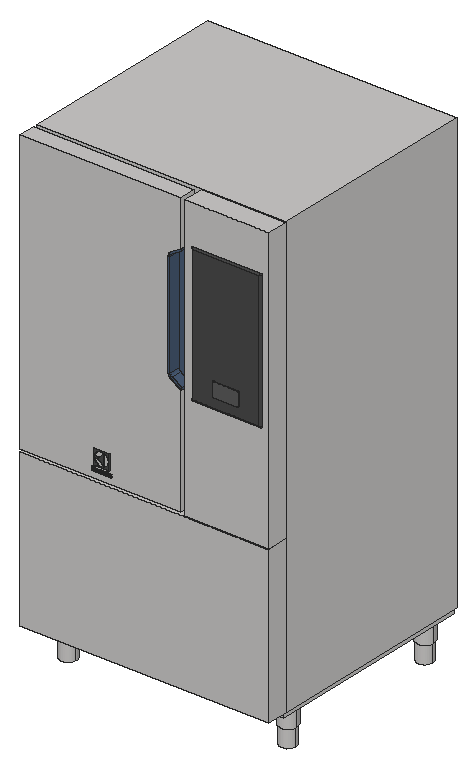
Revit family "QF_ELECTROLUXPROFESSIONAL_727734_EBFA11UE", category Specialty Equipment, Revit 2018 (continued)
Lines and regions (mm)
  Split face 222
    outline origin (-5.81, -295.149, -213.119) x (-1, 0, 0) y (0, 0, -1)
      loop
        line (490.638, -548.639) -> (600.654, -548.639) -> (600.654, -543.665) -> (490.638, -543.665) -> (490.638, -548.639)
  Split face 223
    outline origin (-5.81, -295.149, -203.619) x (-1, 0, 0) y (0, 0, -1)
      loop
        line (490.638, -548.639) -> (600.654, -548.639) -> (600.654, -543.665) -> (490.638, -543.665) -> (490.638, -548.639)
  Split face 224
    outline origin (-5.81, -295.149, -194.118) x (-1, 0, 0) y (0, 0, -1)
      loop
        line (490.638, -548.639) -> (600.654, -548.639) -> (600.654, -543.665) -> (490.638, -543.665) -> (490.638, -548.639)
  Split face 225
    outline origin (-5.81, -295.149, -184.618) x (-1, 0, 0) y (0, 0, -1)
      loop
        line (490.638, -548.639) -> (600.654, -548.639) -> (600.654, -543.665) -> (490.638, -543.665) -> (490.638, -548.639)
  Split face 226
    outline origin (-5.81, -295.149, -175.118) x (-1, 0, 0) y (0, 0, -1)
      loop
        line (490.638, -548.639) -> (600.654, -548.639) -> (600.654, -543.665) -> (490.638, -543.665) -> (490.638, -548.639)
  Split face 227
    outline origin (-5.81, -295.149, -165.618) x (-1, 0, 0) y (0, 0, -1)
      loop
        line (490.638, -548.639) -> (600.654, -548.639) -> (600.654, -543.665) -> (490.638, -543.665) -> (490.638, -548.639)
  Split face 228
    outline origin (-5.81, -295.149, -156.118) x (-1, 0, 0) y (0, 0, -1)
      loop
        line (490.638, -548.639) -> (600.654, -548.639) -> (600.654, -543.665) -> (490.638, -543.665) -> (490.638, -548.639)
  Split face 229
    outline origin (-5.81, -295.149, -146.618) x (-1, 0, 0) y (0, 0, -1)
      loop
        line (490.638, -548.639) -> (600.654, -548.639) -> (600.654, -543.665) -> (490.638, -543.665) -> (490.638, -548.639)
  Split face 230
    outline origin (-5.81, -295.149, -137.118) x (-1, 0, 0) y (0, 0, -1)
      loop
        line (490.638, -548.639) -> (600.654, -548.639) -> (600.654, -543.665) -> (490.638, -543.665) -> (490.638, -548.639)
  Split face 231
    outline origin (-5.81, -295.149, -127.618) x (-1, 0, 0) y (0, 0, -1)
      loop
        line (490.638, -548.639) -> (600.654, -548.639) -> (600.654, -543.665) -> (490.638, -543.665) -> (490.638, -548.639)
  Split face 232
    outline origin (-5.81, -295.149, -118.118) x (-1, 0, 0) y (0, 0, -1)
      loop
        line (490.638, -548.639) -> (600.654, -548.639) -> (600.654, -543.665) -> (490.638, -543.665) -> (490.638, -548.639)
  Split face 233
    outline origin (-5.81, -295.149, -108.618) x (-1, 0, 0) y (0, 0, -1)
      loop
        line (490.638, -548.639) -> (600.654, -548.639) -> (600.654, -543.665) -> (490.638, -543.665) -> (490.638, -548.639)
  Split face 234
    outline origin (-5.81, -295.149, -99.118) x (-1, 0, 0) y (0, 0, -1)
      loop
        line (490.638, -548.639) -> (600.654, -548.639) -> (600.654, -543.665) -> (490.638, -543.665) -> (490.638, -548.639)
  Split face 235
    outline origin (-5.81, -295.149, -89.618) x (-1, 0, 0) y (0, 0, -1)
      loop
        line (490.638, -548.639) -> (600.654, -548.639) -> (600.654, -543.665) -> (490.638, -543.665) -> (490.638, -548.639)
  Split face 236
    outline origin (-5.81, -295.149, -80.117) x (-1, 0, 0) y (0, 0, -1)
      loop
        line (490.638, -548.639) -> (600.654, -548.639) -> (600.654, -543.665) -> (490.638, -543.665) -> (490.638, -548.639)
  Split face 237
    outline origin (-5.81, -295.149, -70.617) x (-1, 0, 0) y (0, 0, -1)
      loop
        line (490.638, -548.639) -> (600.654, -548.639) -> (600.654, -543.665) -> (490.638, -543.665) -> (490.638, -548.639)
  Split face 238
    outline origin (-5.81, -295.149, -61.117) x (-1, 0, 0) y (0, 0, -1)
      loop
        line (490.638, -548.639) -> (600.654, -548.639) -> (600.654, -543.665) -> (490.638, -543.665) -> (490.638, -548.639)
  Split face 239
    outline origin (-5.81, -295.149, -51.617) x (-1, 0, 0) y (0, 0, -1)
      loop
        line (490.638, -548.639) -> (600.654, -548.639) -> (600.654, -543.665) -> (490.638, -543.665) -> (490.638, -548.639)
  Split face 240
    outline origin (-5.81, -295.149, -42.117) x (-1, 0, 0) y (0, 0, -1)
      loop
        line (490.638, -548.639) -> (600.654, -548.639) -> (600.654, -543.665) -> (490.638, -543.665) -> (490.638, -548.639)
  Split face 241
    outline origin (-5.81, -295.149, -32.617) x (-1, 0, 0) y (0, 0, -1)
      loop
        line (490.638, -548.639) -> (600.654, -548.639) -> (600.654, -543.665) -> (490.638, -543.665) -> (490.638, -548.639)
  Split face 242
    outline origin (-5.81, -295.149, -23.117) x (-1, 0, 0) y (0, 0, -1)
      loop
        line (490.638, -548.639) -> (600.654, -548.639) -> (600.654, -543.665) -> (490.638, -543.665) -> (490.638, -548.639)
  Split face 243
    outline origin (-5.81, -295.149, -13.617) x (-1, 0, 0) y (0, 0, -1)
      loop
        line (490.638, -548.639) -> (600.654, -548.639) -> (600.654, -543.665) -> (490.638, -543.665) -> (490.638, -548.639)
  Split face 244
    outline origin (-5.81, -295.149, -4.117) x (-1, 0, 0) y (0, 0, -1)
      loop
        line (490.638, -548.639) -> (600.654, -548.639) -> (600.654, -543.665) -> (490.638, -543.665) -> (490.638, -548.639)
  Split face 245
    outline origin (-5.81, -295.149, 5.383) x (-1, 0, 0) y (0, 0, -1)
      loop
        line (490.638, -548.639) -> (600.654, -548.639) -> (600.654, -543.665) -> (490.638, -543.665) -> (490.638, -548.639)
  Split face 246
    outline origin (-5.81, -295.149, 14.883) x (-1, 0, 0) y (0, 0, -1)
      loop
        line (490.638, -548.639) -> (600.654, -548.639) -> (600.654, -543.665) -> (490.638, -543.665) -> (490.638, -548.639)
  Split face 247
    outline origin (-125.802, -295.149, -365.12) x (-1, 0, 0) y (0, 0, -1)
      loop
        line (490.638, -548.639) -> (600.654, -548.639) -> (600.654, -543.665) -> (490.638, -543.665) -> (490.638, -548.639)
  Split face 248
    outline origin (-125.802, -295.149, -355.62) x (-1, 0, 0) y (0, 0, -1)
      loop
        line (490.638, -548.639) -> (600.654, -548.639) -> (600.654, -543.665) -> (490.638, -543.665) -> (490.638, -548.639)
  Split face 249
    outline origin (-125.802, -295.149, -346.12) x (-1, 0, 0) y (0, 0, -1)
      loop
        line (490.638, -548.639) -> (600.654, -548.639) -> (600.654, -543.665) -> (490.638, -543.665) -> (490.638, -548.639)
  Split face 250
    outline origin (-125.802, -295.149, -336.62) x (-1, 0, 0) y (0, 0, -1)
      loop
        line (490.638, -548.639) -> (600.654, -548.639) -> (600.654, -543.665) -> (490.638, -543.665) -> (490.638, -548.639)
  Split face 251
    outline origin (-125.802, -295.149, -327.12) x (-1, 0, 0) y (0, 0, -1)
      loop
        line (490.638, -548.639) -> (600.654, -548.639) -> (600.654, -543.665) -> (490.638, -543.665) -> (490.638, -548.639)
  Split face 252
    outline origin (-125.802, -295.149, -317.619) x (-1, 0, 0) y (0, 0, -1)
      loop
        line (490.638, -548.639) -> (600.654, -548.639) -> (600.654, -543.665) -> (490.638, -543.665) -> (490.638, -548.639)
  Split face 253
    outline origin (-125.802, -295.149, -308.119) x (-1, 0, 0) y (0, 0, -1)
      loop
        line (490.638, -548.639) -> (600.654, -548.639) -> (600.654, -543.665) -> (490.638, -543.665) -> (490.638, -548.639)
  Split face 254
    outline origin (-125.802, -295.149, -298.619) x (-1, 0, 0) y (0, 0, -1)
      loop
        line (490.638, -548.639) -> (600.654, -548.639) -> (600.654, -543.665) -> (490.638, -543.665) -> (490.638, -548.639)
  Split face 255
    outline origin (-125.802, -295.149, -289.119) x (-1, 0, 0) y (0, 0, -1)
      loop
        line (490.638, -548.639) -> (600.654, -548.639) -> (600.654, -543.665) -> (490.638, -543.665) -> (490.638, -548.639)
  Split face 256
    outline origin (-125.802, -295.149, -279.619) x (-1, 0, 0) y (0, 0, -1)
      loop
        line (490.638, -548.639) -> (600.654, -548.639) -> (600.654, -543.665) -> (490.638, -543.665) -> (490.638, -548.639)
  Split face 257
    outline origin (-125.802, -295.149, -270.119) x (-1, 0, 0) y (0, 0, -1)
      loop
        line (490.638, -548.639) -> (600.654, -548.639) -> (600.654, -543.665) -> (490.638, -543.665) -> (490.638, -548.639)
  Split face 258
    outline origin (-125.802, -295.149, -260.619) x (-1, 0, 0) y (0, 0, -1)
      loop
        line (490.638, -548.639) -> (600.654, -548.639) -> (600.654, -543.665) -> (490.638, -543.665) -> (490.638, -548.639)
  Split face 259
    outline origin (-125.802, -295.149, -251.119) x (-1, 0, 0) y (0, 0, -1)
      loop
        line (490.638, -548.639) -> (600.654, -548.639) -> (600.654, -543.665) -> (490.638, -543.665) -> (490.638, -548.639)
  Split face 260
    outline origin (-125.802, -295.149, -241.619) x (-1, 0, 0) y (0, 0, -1)
      loop
        line (490.638, -548.639) -> (600.654, -548.639) -> (600.654, -543.665) -> (490.638, -543.665) -> (490.638, -548.639)
  Split face 261
    outline origin (-125.802, -295.149, -232.119) x (-1, 0, 0) y (0, 0, -1)
      loop
        line (490.638, -548.639) -> (600.654, -548.639) -> (600.654, -543.665) -> (490.638, -543.665) -> (490.638, -548.639)
  Split face 262
    outline origin (-125.802, -295.149, -222.619) x (-1, 0, 0) y (0, 0, -1)
      loop
        line (490.638, -548.639) -> (600.654, -548.639) -> (600.654, -543.665) -> (490.638, -543.665) -> (490.638, -548.639)
  Split face 263
    outline origin (-125.802, -295.149, -213.119) x (-1, 0, 0) y (0, 0, -1)
      loop
        line (490.638, -548.639) -> (600.654, -548.639) -> (600.654, -543.665) -> (490.638, -543.665) -> (490.638, -548.639)
  Split face 264
    outline origin (-125.802, -295.149, -203.619) x (-1, 0, 0) y (0, 0, -1)
      loop
        line (490.638, -548.639) -> (600.654, -548.639) -> (600.654, -543.665) -> (490.638, -543.665) -> (490.638, -548.639)
  Split face 265
    outline origin (-125.802, -295.149, -194.118) x (-1, 0, 0) y (0, 0, -1)
      loop
        line (490.638, -548.639) -> (600.654, -548.639) -> (600.654, -543.665) -> (490.638, -543.665) -> (490.638, -548.639)
  Split face 266
    outline origin (-125.802, -295.149, -184.618) x (-1, 0, 0) y (0, 0, -1)
      loop
        line (490.638, -548.639) -> (600.654, -548.639) -> (600.654, -543.665) -> (490.638, -543.665) -> (490.638, -548.639)
  Split face 267
    outline origin (-125.802, -295.149, -175.118) x (-1, 0, 0) y (0, 0, -1)
      loop
        line (490.638, -548.639) -> (600.654, -548.639) -> (600.654, -543.665) -> (490.638, -543.665) -> (490.638, -548.639)
  Split face 268
    outline origin (-125.802, -295.149, -165.618) x (-1, 0, 0) y (0, 0, -1)
      loop
        line (490.638, -548.639) -> (600.654, -548.639) -> (600.654, -543.665) -> (490.638, -543.665) -> (490.638, -548.639)
  Split face 269
    outline origin (-125.802, -295.149, -156.118) x (-1, 0, 0) y (0, 0, -1)
      loop
        line (490.638, -548.639) -> (600.654, -548.639) -> (600.654, -543.665) -> (490.638, -543.665) -> (490.638, -548.639)
  Split face 270
    outline origin (-125.802, -295.149, -146.618) x (-1, 0, 0) y (0, 0, -1)
      loop
        line (490.638, -548.639) -> (600.654, -548.639) -> (600.654, -543.665) -> (490.638, -543.665) -> (490.638, -548.639)
  Split face 271
    outline origin (-125.802, -295.149, -137.118) x (-1, 0, 0) y (0, 0, -1)
      loop
        line (490.638, -548.639) -> (600.654, -548.639) -> (600.654, -543.665) -> (490.638, -543.665) -> (490.638, -548.639)
  Split face 272
    outline origin (-125.802, -295.149, -127.618) x (-1, 0, 0) y (0, 0, -1)
      loop
        line (490.638, -548.639) -> (600.654, -548.639) -> (600.654, -543.665) -> (490.638, -543.665) -> (490.638, -548.639)
  Split face 273
    outline origin (-125.802, -295.149, -118.118) x (-1, 0, 0) y (0, 0, -1)
      loop
        line (490.638, -548.639) -> (600.654, -548.639) -> (600.654, -543.665) -> (490.638, -543.665) -> (490.638, -548.639)
  Split face 274
    outline origin (-125.802, -295.149, -108.618) x (-1, 0, 0) y (0, 0, -1)
      loop
        line (490.638, -548.639) -> (600.654, -548.639) -> (600.654, -543.665) -> (490.638, -543.665) -> (490.638, -548.639)
  Split face 275
    outline origin (-125.802, -295.149, -99.118) x (-1, 0, 0) y (0, 0, -1)
      loop
        line (490.638, -548.639) -> (600.654, -548.639) -> (600.654, -543.665) -> (490.638, -543.665) -> (490.638, -548.639)
  Split face 276
    outline origin (-125.802, -295.149, -89.618) x (-1, 0, 0) y (0, 0, -1)
      loop
        line (490.638, -548.639) -> (600.654, -548.639) -> (600.654, -543.665) -> (490.638, -543.665) -> (490.638, -548.639)
  Split face 277
    outline origin (-125.802, -295.149, -80.117) x (-1, 0, 0) y (0, 0, -1)
      loop
        line (490.638, -548.639) -> (600.654, -548.639) -> (600.654, -543.665) -> (490.638, -543.665) -> (490.638, -548.639)
  Split face 278
    outline origin (-125.802, -295.149, -70.617) x (-1, 0, 0) y (0, 0, -1)
      loop
        line (490.638, -548.639) -> (600.654, -548.639) -> (600.654, -543.665) -> (490.638, -543.665) -> (490.638, -548.639)
  Split face 279
    outline origin (-125.802, -295.149, -61.117) x (-1, 0, 0) y (0, 0, -1)
      loop
        line (490.638, -548.639) -> (600.654, -548.639) -> (600.654, -543.665) -> (490.638, -543.665) -> (490.638, -548.639)
  Split face 280
    outline origin (-125.802, -295.149, -51.617) x (-1, 0, 0) y (0, 0, -1)
      loop
        line (490.638, -548.639) -> (600.654, -548.639) -> (600.654, -543.665) -> (490.638, -543.665) -> (490.638, -548.639)
  Split face 281
    outline origin (-125.802, -295.149, -42.117) x (-1, 0, 0) y (0, 0, -1)
      loop
        line (490.638, -548.639) -> (600.654, -548.639) -> (600.654, -543.665) -> (490.638, -543.665) -> (490.638, -548.639)
  Split face 282
    outline origin (-125.802, -295.149, -32.617) x (-1, 0, 0) y (0, 0, -1)
      loop
        line (490.638, -548.639) -> (600.654, -548.639) -> (600.654, -543.665) -> (490.638, -543.665) -> (490.638, -548.639)
  Split face 283
    outline origin (-125.802, -295.149, -23.117) x (-1, 0, 0) y (0, 0, -1)
      loop
        line (490.638, -548.639) -> (600.654, -548.639) -> (600.654, -543.665) -> (490.638, -543.665) -> (490.638, -548.639)
  Split face 284
    outline origin (-125.802, -295.149, -13.617) x (-1, 0, 0) y (0, 0, -1)
      loop
        line (490.638, -548.639) -> (600.654, -548.639) -> (600.654, -543.665) -> (490.638, -543.665) -> (490.638, -548.639)
  Split face 285
    outline origin (-125.802, -295.149, -4.117) x (-1, 0, 0) y (0, 0, -1)
      loop
        line (490.638, -548.639) -> (600.654, -548.639) -> (600.654, -543.665) -> (490.638, -543.665) -> (490.638, -548.639)
  Split face 286
    outline origin (-125.802, -295.149, 5.383) x (-1, 0, 0) y (0, 0, -1)
      loop
        line (490.638, -548.639) -> (600.654, -548.639) -> (600.654, -543.665) -> (490.638, -543.665) -> (490.638, -548.639)
  Split face 287
    outline origin (-125.802, -295.149, 14.883) x (-1, 0, 0) y (0, 0, -1)
      loop
        line (490.638, -548.639) -> (600.654, -548.639) -> (600.654, -543.665) -> (490.638, -543.665) -> (490.638, -548.639)
  symbolic lines
    curve 1: line (-759, 547.851, 1731) -> (136, 547.851, 1731)
    curve 2: line (-759, -219.149, 1731) -> (-759, 547.851, 1731)
    curve 3: line (136, -295.149, 1731) -> (-166, -295.149, 1731)
    curve 4: line (136, 547.851, 1731) -> (136, -295.149, 1731)
    curve 5: line (-139.183, 547.851, 1731) -> (-131.09, 639.851, 1731)
    curve 6: line (-131.09, 639.851, 1731) -> (33.141, 639.851, 1731)
    curve 7: line (33.141, 639.851, 1731) -> (41.234, 547.851, 1731)
    curve 8: line (56.5, 576.851, 1731) -> (77.5, 576.851, 1731)
    curve 9: line (77.5, 576.851, 1731) -> (77.5, 547.851, 1731)
    curve 10: line (56.5, 576.851, 1731) -> (56.5, 547.851, 1731)
    curve 11: line (104, -300.149, 1731) -> (-134, -300.149, 1731)
    curve 12: line (-134, -300.149, 1731) -> (-142, -295.149, 1731)
    curve 13: line (104, -300.149, 1731) -> (112, -295.149, 1731)
    curve 18: line (-166, -295.149, 0) -> (-166, -219.149, 0)
    curve 19: line (-166, -219.149, 0) -> (-759, -219.149, 0)
    curve 20: line (-759, -235.149, 0) -> (-180.8, -235.149, 0)
    curve 21: line (-759, -295.149, 0) -> (-759, -235.149, 0)
    curve 22: line (-180.8, -295.149, 0) -> (-759, -295.149, 0)
    curve 23: line (-180.8, -235.149, 0) -> (-180.8, -295.149, 0)
    curve 24: line (-225.54, -296.149, 0) -> (-178.3, -296.149, 0)
    curve 25: line (-178.3, -296.149, 0) -> (-178.3, -256.149, 0)
    curve 26: line (-178.3, -256.149, 0) -> (-180.8, -256.149, 0)
    curve 27: line (-225.54, -296.149, 0) -> (-225.54, -295.149, 0)
  symbolic lines, style "QF_Door-Drawer Clearances", visible <- "Show Clearance"
    curve 14: arc (-180.8, -295.149, 1731) -> (-338.805, -665.108, 1731) -> (-705, -831.649, 1731) r 556
    curve 15: line (-765, -831.649, 1731) -> (-765, -295.149, 1731)
    curve 16: line (-705, -831.649, 1731) -> (-765, -831.649, 1731)
    curve 17: line (-705, -831.649, 1731) -> (-705, -295.149, 1731)
Dimensions and locks
  equal spacing: plane 4 "LEFT", plane 3 "Center Y", plane 6 "RIGHT"
  plane 4 "LEFT" to plane 6 "RIGHT" = 895 mm
  plane 5 "BACK" to plane 7 "FRONT" = 843 mm
  equal spacing: plane 5 "BACK", plane 1 "Center X", plane 7 "FRONT"
  cut or joined group of Extrusion 1, Extrusion 2, Extrusion 3, Extrusion 5, Extrusion 6, Extrusion 7, Extrusion 13 to Extrusion 3 sketch curve = 826 mm
  level to Extrusion 3 sketch curve = 593 mm
  plane 5 "BACK" to Extrusion 6 sketch curve = 398 mm
  plane 4 "LEFT" to Extrusion 6 sketch curve = 400 mm
  Extrusion 3 sketch curve to plane 4 "LEFT" = 826 mm
  aligned and locked: level to plane 2
  aligned and locked: plane 12 to nested 3
  aligned and locked: plane 12 to nested 2
  aligned and locked: plane 10 to nested 1
  aligned and locked: plane 10 to nested 4
  aligned and locked: nested 4 to plane 11
  aligned and locked: nested 3 to plane 11
  aligned and locked: nested 1 to plane 13
  aligned and locked: nested 2 to plane 13
  aligned and locked: Extrusion 12 to Extrusion 11
  aligned and locked: Extrusion 16 to Extrusion 15
Automatic sketch dimensions
  Extrusion 1 sketch curve to plane 5 "BACK" = 0 mm
  Extrusion 1 sketch curve to plane 6 "RIGHT" = 0 mm
  Extrusion 1 sketch curve to plane 4 "LEFT" = 0 mm
  Extrusion 1 sketch curve to plane 13 = 75 mm
  Extrusion 2 sketch curve to plane 5 "BACK" = 0 mm
  Extrusion 2 sketch curve to plane 14 = 0 mm  (x5)
  Extrusion 2 sketch curve to plane 14 = 10 mm
  Extrusion 2 sketch curve to plane 14 = 8 mm
  Extrusion 2 sketch curve to plane 14 = 7.305 mm
  Extrusion 2 sketch curve to plane 14 = 4.997 mm
  plane 14 to Extrusion 2 sketch curve = 8.773 mm  (x4)
  plane 8 to Extrusion 2 sketch curve = 521.023 mm
  Extrusion 2 sketch curve to Extrusion 2 sketch curve = 7.476 mm
  Extrusion 2 sketch curve to Extrusion 2 sketch curve = 25.474 mm
  Extrusion 2 sketch curve to Extrusion 2 sketch curve = 9.313 mm  (x4)
  Extrusion 2 sketch curve to Extrusion 2 sketch curve = 31.38 mm  (x3)
  Extrusion 2 sketch curve to Extrusion 2 sketch curve = 32.916 mm
  Extrusion 2 sketch curve to Extrusion 2 sketch curve = 50.851 mm
  Extrusion 4 sketch curve to plane 6 "RIGHT" = 0 mm
  Extrusion 4 sketch curve to plane 4 "LEFT" = 0 mm
  Extrusion 4 sketch curve to plane 7 "FRONT" = 0 mm
  plane 7 "FRONT" to Extrusion 4 sketch curve = 75 mm
  Extrusion 5 sketch curve to plane 5 "BACK" = 0 mm
  Extrusion 5 sketch curve to plane 6 "RIGHT" = 9 mm
  plane 4 "LEFT" to Extrusion 5 sketch curve = 9 mm
  Extrusion 5 sketch curve to plane 13 = 73 mm
  Split face 1 sketch curve to Extrusion 4 = 32.492 mm
  Split face 1 sketch curve to Extrusion 4 = 28.525 mm
  Split face 1 sketch curve to Split face 1 sketch curve = 110.016 mm
  Split face 1 sketch curve to Split face 1 sketch curve = 4.974 mm
  Extrusion 7 sketch curve to plane 5 "BACK" = 0 mm  (x2)
  Extrusion 7 sketch curve to plane 14 = 0 mm  (x2)
  Extrusion 7 sketch curve to plane 12 = 41.135 mm
  Extrusion 7 sketch curve to Extrusion 7 sketch curve = 1.631 mm  (x2)
  Extrusion 7 sketch curve to Extrusion 7 sketch curve = 9.723 mm
  Extrusion 7 sketch curve to Extrusion 7 sketch curve = 164.232 mm
  Extrusion 7 sketch curve to Extrusion 7 sketch curve = 8.092 mm
  Extrusion 8 sketch curve to plane 4 "LEFT" = 0 mm
  Extrusion 8 sketch curve to plane 9 "TOP" = 0 mm
  plane 3 "Center Y" to Extrusion 8 sketch curve = 85.96 mm
  Extrusion 8 sketch curve to Extrusion 8 sketch curve = 8.487 mm
  Extrusion 8 sketch curve to Extrusion 8 sketch curve = 8.95 mm
  Extrusion 8 sketch curve to Extrusion 8 sketch curve = 10.513 mm
  Extrusion 8 sketch curve to Extrusion 8 sketch curve = 11.05 mm
  Extrusion 8 sketch curve to Extrusion 8 sketch curve = 35.79 mm
  Extrusion 8 sketch curve to Extrusion 8 sketch curve = 36.253 mm
  Extrusion 8 sketch curve to Extrusion 8 sketch curve = 162.03 mm
  Extrusion 8 sketch curve to Extrusion 8 sketch curve = 24.082 mm
  Extrusion 8 sketch curve to Extrusion 8 sketch curve = 374.913 mm
  Extrusion 8 sketch curve to Extrusion 8 sketch curve = 23.723 mm
  plane 8 to Extrusion 8 sketch curve = 589.524 mm
  Extrusion 9 sketch curve to plane 7 "FRONT" = 0 mm
  Extrusion 9 sketch curve to plane 6 "RIGHT" = 0 mm
  plane 3 "Center Y" to Extrusion 9 sketch curve = 145.5 mm
  plane 7 "FRONT" to Extrusion 9 sketch curve = 75 mm
  plane 3 "Center Y" to Extrusion 11 sketch curve = 85.96 mm
  Extrusion 11 sketch curve to Extrusion 11 sketch curve = 8.487 mm
  Extrusion 11 sketch curve to Extrusion 11 sketch curve = 8.95 mm
  Extrusion 11 sketch curve to Extrusion 11 sketch curve = 19 mm
  Extrusion 11 sketch curve to Extrusion 11 sketch curve = 11.05 mm
  Extrusion 11 sketch curve to plane 9 "TOP" = 186.112 mm
  Extrusion 11 sketch curve to Extrusion 11 sketch curve = 374.913 mm
  Extrusion 11 sketch curve to Extrusion 11 sketch curve = 36.253 mm
  Extrusion 11 sketch curve to Extrusion 11 sketch curve = 35.79 mm
  Extrusion 11 sketch curve to Extrusion 11 sketch curve = 0 mm  (x3)
  Extrusion 11 sketch curve to Extrusion 11 sketch curve = 24.082 mm
  Extrusion 11 sketch curve to Extrusion 11 sketch curve = 23.723 mm
  Extrusion 12 sketch curve to Extrusion 12 sketch curve = 0 mm  (x4)
  plane 3 "Center Y" to Extrusion 12 sketch curve = 133.2 mm  (x2)
  Extrusion 12 sketch curve to Extrusion 12 sketch curve = 2.5 mm  (x2)
  Extrusion 12 sketch curve to Extrusion 12 sketch curve = 27.24 mm
  Extrusion 12 sketch curve to Extrusion 12 sketch curve = 28.24 mm
  Extrusion 12 sketch curve to Extrusion 12 sketch curve = 7.459 mm
  Extrusion 12 sketch curve to Extrusion 12 sketch curve = 6.917 mm
  Extrusion 12 sketch curve to Extrusion 12 sketch curve = 3.591 mm
  Extrusion 12 sketch curve to Extrusion 12 sketch curve = 3.597 mm
  Extrusion 12 sketch curve to Extrusion 12 sketch curve = 5.583 mm
  Extrusion 12 sketch curve to Extrusion 12 sketch curve = 6.5 mm
  Extrusion 12 sketch curve to plane 9 "TOP" = 162.03 mm
  Extrusion 12 sketch curve to Extrusion 12 sketch curve = 6.143 mm
  Extrusion 12 sketch curve to Extrusion 12 sketch curve = 17.939 mm
  Extrusion 12 sketch curve to Extrusion 12 sketch curve = 374.913 mm
  Extrusion 12 sketch curve to Extrusion 12 sketch curve = 23 mm
  Extrusion 12 sketch curve to Extrusion 12 sketch curve = 6.141 mm
  plane 10 to Extrusion 13 sketch curve = 9 mm
  plane 3 "Center Y" to Extrusion 13 sketch curve = 80.7 mm
  Extrusion 13 sketch curve to plane 9 "TOP" = 60 mm
  plane 8 to Extrusion 13 sketch curve = 639 mm
  Split face 2 sketch curve to Extrusion 4 = 32.492 mm
  Split face 2 sketch curve to Extrusion 4 = 38.025 mm
  Split face 2 sketch curve to Split face 2 sketch curve = 110.016 mm
  Split face 2 sketch curve to Split face 2 sketch curve = 4.974 mm
  Split face 3 sketch curve to Extrusion 4 = 32.492 mm
  Split face 3 sketch curve to Extrusion 4 = 47.525 mm
  Split face 3 sketch curve to Split face 3 sketch curve = 110.016 mm
  Split face 3 sketch curve to Split face 3 sketch curve = 4.974 mm
  Split face 4 sketch curve to Extrusion 4 = 32.492 mm
  Split face 4 sketch curve to Split face 4 sketch curve = 110.016 mm
  Split face 4 sketch curve to Extrusion 4 = 61.999 mm
  Split face 4 sketch curve to Split face 4 sketch curve = 4.974 mm
  Split face 5 sketch curve to Extrusion 4 = 32.492 mm
  Split face 5 sketch curve to Split face 5 sketch curve = 110.016 mm
  Split face 5 sketch curve to Extrusion 4 = 71.499 mm
  Split face 5 sketch curve to Split face 5 sketch curve = 4.974 mm
  Split face 6 sketch curve to Extrusion 4 = 32.492 mm
  Split face 6 sketch curve to Split face 6 sketch curve = 110.016 mm
  Split face 6 sketch curve to Extrusion 4 = 80.999 mm
  Split face 6 sketch curve to Split face 6 sketch curve = 4.974 mm
  Split face 7 sketch curve to Extrusion 4 = 32.492 mm
  Split face 7 sketch curve to Split face 7 sketch curve = 110.016 mm
  Split face 7 sketch curve to Extrusion 4 = 90.499 mm
  Split face 7 sketch curve to Split face 7 sketch curve = 4.974 mm
  Split face 8 sketch curve to Extrusion 4 = 32.492 mm
  Split face 8 sketch curve to Split face 8 sketch curve = 110.016 mm
  Split face 8 sketch curve to Extrusion 4 = 99.999 mm
  Split face 8 sketch curve to Split face 8 sketch curve = 4.974 mm
  Split face 9 sketch curve to Extrusion 4 = 32.492 mm
  Split face 9 sketch curve to Split face 9 sketch curve = 110.016 mm
  Split face 9 sketch curve to Extrusion 4 = 109.499 mm
  Split face 9 sketch curve to Split face 9 sketch curve = 4.974 mm
  Split face 10 sketch curve to Extrusion 4 = 32.492 mm
  Split face 10 sketch curve to Split face 10 sketch curve = 110.016 mm
  Split face 10 sketch curve to Extrusion 4 = 119 mm
  Split face 10 sketch curve to Split face 10 sketch curve = 4.974 mm
  Split face 11 sketch curve to Extrusion 4 = 32.492 mm
  Split face 11 sketch curve to Split face 11 sketch curve = 110.016 mm
  Split face 11 sketch curve to Extrusion 4 = 128.5 mm
  Split face 11 sketch curve to Split face 11 sketch curve = 4.974 mm
  Split face 12 sketch curve to Extrusion 4 = 32.492 mm
  Split face 12 sketch curve to Split face 12 sketch curve = 110.016 mm
  Split face 12 sketch curve to Extrusion 4 = 138 mm
  Split face 12 sketch curve to Split face 12 sketch curve = 4.974 mm
  Split face 13 sketch curve to Extrusion 4 = 32.492 mm
  Split face 13 sketch curve to Split face 13 sketch curve = 110.016 mm
  Split face 13 sketch curve to Extrusion 4 = 147.5 mm
  Split face 13 sketch curve to Split face 13 sketch curve = 4.974 mm
  Split face 14 sketch curve to Extrusion 4 = 32.492 mm
  Split face 14 sketch curve to Split face 14 sketch curve = 110.016 mm
  Split face 14 sketch curve to Extrusion 4 = 157 mm
  Split face 14 sketch curve to Split face 14 sketch curve = 4.974 mm
  Split face 15 sketch curve to Extrusion 4 = 32.492 mm
  Split face 15 sketch curve to Split face 15 sketch curve = 110.016 mm
  Split face 15 sketch curve to Extrusion 4 = 166.5 mm
  Split face 15 sketch curve to Split face 15 sketch curve = 4.974 mm
  Split face 16 sketch curve to Extrusion 4 = 32.492 mm
  Split face 16 sketch curve to Split face 16 sketch curve = 110.016 mm
  Split face 16 sketch curve to Extrusion 4 = 176 mm
  Split face 16 sketch curve to Split face 16 sketch curve = 4.974 mm
  Split face 17 sketch curve to Extrusion 4 = 32.492 mm
  Split face 17 sketch curve to Split face 17 sketch curve = 110.016 mm
  Split face 17 sketch curve to Extrusion 4 = 185.5 mm
  Split face 17 sketch curve to Split face 17 sketch curve = 4.974 mm
  Split face 18 sketch curve to Extrusion 4 = 32.492 mm
  Split face 18 sketch curve to Split face 18 sketch curve = 110.016 mm
  Split face 18 sketch curve to Extrusion 4 = 195 mm
  Split face 18 sketch curve to Split face 18 sketch curve = 4.974 mm
  Split face 19 sketch curve to Extrusion 4 = 32.492 mm
  Split face 19 sketch curve to Split face 19 sketch curve = 110.016 mm
  Split face 19 sketch curve to Extrusion 4 = 204.5 mm
  Split face 19 sketch curve to Split face 19 sketch curve = 4.974 mm
  Split face 20 sketch curve to Extrusion 4 = 32.492 mm
  Split face 20 sketch curve to Split face 20 sketch curve = 110.016 mm
  Split face 20 sketch curve to Extrusion 4 = 214 mm
  Split face 20 sketch curve to Split face 20 sketch curve = 4.974 mm
  Split face 21 sketch curve to Extrusion 4 = 32.492 mm
  Split face 21 sketch curve to Split face 21 sketch curve = 110.016 mm
  Split face 21 sketch curve to Extrusion 4 = 223.5 mm
  Split face 21 sketch curve to Split face 21 sketch curve = 4.974 mm
  Split face 22 sketch curve to Extrusion 4 = 32.492 mm
  Split face 22 sketch curve to Split face 22 sketch curve = 110.016 mm
  Split face 22 sketch curve to Extrusion 4 = 233.001 mm
  Split face 22 sketch curve to Split face 22 sketch curve = 4.974 mm
  Split face 23 sketch curve to Extrusion 4 = 32.492 mm
  Split face 23 sketch curve to Split face 23 sketch curve = 110.016 mm
  Split face 23 sketch curve to Extrusion 4 = 242.501 mm
  Split face 23 sketch curve to Split face 23 sketch curve = 4.974 mm
  Split face 24 sketch curve to Extrusion 4 = 32.492 mm
  Split face 24 sketch curve to Split face 24 sketch curve = 110.016 mm
  Split face 24 sketch curve to Extrusion 4 = 252.001 mm
  Split face 24 sketch curve to Split face 24 sketch curve = 4.974 mm
  Split face 25 sketch curve to Extrusion 4 = 32.492 mm
  Split face 25 sketch curve to Split face 25 sketch curve = 110.016 mm
  Split face 25 sketch curve to Extrusion 4 = 261.501 mm
  Split face 25 sketch curve to Split face 25 sketch curve = 4.974 mm
  Split face 26 sketch curve to Extrusion 4 = 32.492 mm
  Split face 26 sketch curve to Split face 26 sketch curve = 110.016 mm
  Split face 26 sketch curve to Extrusion 4 = 271.001 mm
  Split face 26 sketch curve to Split face 26 sketch curve = 4.974 mm
  Split face 27 sketch curve to Extrusion 4 = 32.492 mm
  Split face 27 sketch curve to Split face 27 sketch curve = 110.016 mm
  Split face 27 sketch curve to Extrusion 4 = 279.479 mm
  Split face 27 sketch curve to Split face 27 sketch curve = 4.974 mm
  Split face 28 sketch curve to Extrusion 4 = 32.492 mm
  Split face 28 sketch curve to Split face 28 sketch curve = 110.016 mm
  Split face 28 sketch curve to Extrusion 4 = 269.979 mm
  Split face 28 sketch curve to Split face 28 sketch curve = 4.974 mm
  Split face 29 sketch curve to Extrusion 4 = 32.492 mm
  Split face 29 sketch curve to Split face 29 sketch curve = 110.016 mm
  Split face 29 sketch curve to Extrusion 4 = 260.479 mm
  Split face 29 sketch curve to Split face 29 sketch curve = 4.974 mm
  Split face 30 sketch curve to Extrusion 4 = 32.492 mm
  Split face 30 sketch curve to Split face 30 sketch curve = 110.016 mm
  Split face 30 sketch curve to Extrusion 4 = 250.978 mm
  Split face 30 sketch curve to Split face 30 sketch curve = 4.974 mm
  Split face 31 sketch curve to Extrusion 4 = 32.492 mm
  Split face 31 sketch curve to Split face 31 sketch curve = 110.016 mm
  Split face 31 sketch curve to Extrusion 4 = 241.478 mm
  Split face 31 sketch curve to Split face 31 sketch curve = 4.974 mm
  Split face 32 sketch curve to Extrusion 4 = 32.492 mm
  Split face 32 sketch curve to Split face 32 sketch curve = 110.016 mm
  Split face 32 sketch curve to Extrusion 4 = 231.978 mm
  Split face 32 sketch curve to Split face 32 sketch curve = 4.974 mm
  Split face 33 sketch curve to Extrusion 4 = 32.492 mm
  Split face 33 sketch curve to Split face 33 sketch curve = 110.016 mm
  Split face 33 sketch curve to Extrusion 4 = 222.478 mm
  Split face 33 sketch curve to Split face 33 sketch curve = 4.974 mm
  Split face 34 sketch curve to Extrusion 4 = 32.492 mm
  Split face 34 sketch curve to Split face 34 sketch curve = 110.016 mm
  Split face 34 sketch curve to Extrusion 4 = 212.978 mm
  Split face 34 sketch curve to Split face 34 sketch curve = 4.974 mm
  Split face 35 sketch curve to Extrusion 4 = 32.492 mm
  Split face 35 sketch curve to Split face 35 sketch curve = 110.016 mm
  Split face 35 sketch curve to Extrusion 4 = 203.478 mm
  Split face 35 sketch curve to Split face 35 sketch curve = 4.974 mm
  Split face 36 sketch curve to Extrusion 4 = 32.492 mm
  Split face 36 sketch curve to Split face 36 sketch curve = 110.016 mm
  Split face 36 sketch curve to Extrusion 4 = 193.978 mm
  Split face 36 sketch curve to Split face 36 sketch curve = 4.974 mm
  Split face 37 sketch curve to Extrusion 4 = 32.492 mm
  Split face 37 sketch curve to Split face 37 sketch curve = 110.016 mm
  Split face 37 sketch curve to Extrusion 4 = 184.478 mm
  Split face 37 sketch curve to Split face 37 sketch curve = 4.974 mm
  Split face 38 sketch curve to Extrusion 4 = 32.492 mm
  Split face 38 sketch curve to Split face 38 sketch curve = 110.016 mm
  Split face 38 sketch curve to Extrusion 4 = 174.978 mm
  Split face 38 sketch curve to Split face 38 sketch curve = 4.974 mm
  Split face 39 sketch curve to Extrusion 4 = 32.492 mm
  Split face 39 sketch curve to Split face 39 sketch curve = 110.016 mm
  Split face 39 sketch curve to Extrusion 4 = 165.478 mm
  Split face 39 sketch curve to Split face 39 sketch curve = 4.974 mm
  Split face 40 sketch curve to Extrusion 4 = 32.492 mm
  Split face 40 sketch curve to Split face 40 sketch curve = 110.016 mm
  Split face 40 sketch curve to Extrusion 4 = 155.978 mm
  Split face 40 sketch curve to Split face 40 sketch curve = 4.974 mm
  Split face 41 sketch curve to Extrusion 4 = 32.492 mm
  Split face 41 sketch curve to Split face 41 sketch curve = 110.016 mm
  Split face 41 sketch curve to Extrusion 4 = 146.478 mm
  Split face 41 sketch curve to Split face 41 sketch curve = 4.974 mm
  Split face 42 sketch curve to Extrusion 4 = 33.499 mm
  Split face 42 sketch curve to Extrusion 4 = 152.483 mm
  Split face 42 sketch curve to Extrusion 4 = 28.525 mm
  Split face 42 sketch curve to Split face 42 sketch curve = 110.016 mm
  Split face 43 sketch curve to Extrusion 4 = 42.999 mm
  Split face 43 sketch curve to Extrusion 4 = 152.483 mm
  Split face 43 sketch curve to Extrusion 4 = 38.025 mm
  Split face 43 sketch curve to Split face 43 sketch curve = 110.016 mm
  Split face 44 sketch curve to Extrusion 4 = 52.499 mm
  Split face 44 sketch curve to Extrusion 4 = 152.483 mm
  Split face 44 sketch curve to Extrusion 4 = 47.525 mm
  Split face 44 sketch curve to Split face 44 sketch curve = 110.016 mm
  Split face 45 sketch curve to Extrusion 4 = 61.999 mm
  Split face 45 sketch curve to Extrusion 4 = 152.483 mm
  Split face 45 sketch curve to Split face 45 sketch curve = 110.016 mm
  Split face 45 sketch curve to Split face 45 sketch curve = 4.974 mm
  Split face 46 sketch curve to Extrusion 4 = 71.499 mm
  Split face 46 sketch curve to Extrusion 4 = 152.483 mm
  Split face 46 sketch curve to Split face 46 sketch curve = 110.016 mm
  Split face 46 sketch curve to Split face 46 sketch curve = 4.974 mm
  Split face 47 sketch curve to Extrusion 4 = 152.483 mm
  Split face 47 sketch curve to Split face 47 sketch curve = 110.016 mm
  Split face 47 sketch curve to Extrusion 4 = 80.999 mm
  Split face 47 sketch curve to Split face 47 sketch curve = 4.974 mm
  Split face 48 sketch curve to Extrusion 4 = 152.483 mm
  Split face 48 sketch curve to Split face 48 sketch curve = 110.016 mm
  Split face 48 sketch curve to Extrusion 4 = 90.499 mm
  Split face 48 sketch curve to Split face 48 sketch curve = 4.974 mm
  Split face 49 sketch curve to Extrusion 4 = 152.483 mm
  Split face 49 sketch curve to Split face 49 sketch curve = 110.016 mm
  Split face 49 sketch curve to Extrusion 4 = 99.999 mm
  Split face 49 sketch curve to Split face 49 sketch curve = 4.974 mm
  Split face 50 sketch curve to Extrusion 4 = 152.483 mm
  Split face 50 sketch curve to Split face 50 sketch curve = 110.016 mm
  Split face 50 sketch curve to Extrusion 4 = 109.499 mm
  Split face 50 sketch curve to Split face 50 sketch curve = 4.974 mm
  Split face 51 sketch curve to Extrusion 4 = 152.483 mm
  Split face 51 sketch curve to Split face 51 sketch curve = 110.016 mm
  Split face 51 sketch curve to Extrusion 4 = 119 mm
  Split face 51 sketch curve to Split face 51 sketch curve = 4.974 mm
  Split face 52 sketch curve to Extrusion 4 = 152.483 mm
  Split face 52 sketch curve to Split face 52 sketch curve = 110.016 mm
  Split face 52 sketch curve to Extrusion 4 = 128.5 mm
  Split face 52 sketch curve to Split face 52 sketch curve = 4.974 mm
  Split face 53 sketch curve to Extrusion 4 = 152.483 mm
  Split face 53 sketch curve to Split face 53 sketch curve = 110.016 mm
  Split face 53 sketch curve to Extrusion 4 = 138 mm
  Split face 53 sketch curve to Split face 53 sketch curve = 4.974 mm
  Split face 54 sketch curve to Extrusion 4 = 152.483 mm
  Split face 54 sketch curve to Split face 54 sketch curve = 110.016 mm
  Split face 54 sketch curve to Extrusion 4 = 147.5 mm
  Split face 54 sketch curve to Split face 54 sketch curve = 4.974 mm
  Split face 55 sketch curve to Extrusion 4 = 152.483 mm
  Split face 55 sketch curve to Split face 55 sketch curve = 110.016 mm
  Split face 55 sketch curve to Extrusion 4 = 157 mm
  Split face 55 sketch curve to Split face 55 sketch curve = 4.974 mm
  Split face 56 sketch curve to Extrusion 4 = 152.483 mm
  Split face 56 sketch curve to Split face 56 sketch curve = 110.016 mm
  Split face 56 sketch curve to Extrusion 4 = 166.5 mm
  Split face 56 sketch curve to Split face 56 sketch curve = 4.974 mm
  Split face 57 sketch curve to Extrusion 4 = 152.483 mm
  Split face 57 sketch curve to Split face 57 sketch curve = 110.016 mm
  Split face 57 sketch curve to Extrusion 4 = 176 mm
  Split face 57 sketch curve to Split face 57 sketch curve = 4.974 mm
  Split face 58 sketch curve to Extrusion 4 = 152.483 mm
  Split face 58 sketch curve to Split face 58 sketch curve = 110.016 mm
  Split face 58 sketch curve to Extrusion 4 = 185.5 mm
  Split face 58 sketch curve to Split face 58 sketch curve = 4.974 mm
  Split face 59 sketch curve to Extrusion 4 = 152.483 mm
  Split face 59 sketch curve to Split face 59 sketch curve = 110.016 mm
  Split face 59 sketch curve to Extrusion 4 = 195 mm
  Split face 59 sketch curve to Split face 59 sketch curve = 4.974 mm
  Split face 60 sketch curve to Extrusion 4 = 152.483 mm
  Split face 60 sketch curve to Split face 60 sketch curve = 110.016 mm
  Split face 60 sketch curve to Extrusion 4 = 204.5 mm
  Split face 60 sketch curve to Split face 60 sketch curve = 4.974 mm
  Split face 61 sketch curve to Extrusion 4 = 152.483 mm
  Split face 61 sketch curve to Split face 61 sketch curve = 110.016 mm
  Split face 61 sketch curve to Extrusion 4 = 214 mm
  Split face 61 sketch curve to Split face 61 sketch curve = 4.974 mm
  Split face 62 sketch curve to Extrusion 4 = 152.483 mm
  Split face 62 sketch curve to Split face 62 sketch curve = 110.016 mm
  Split face 62 sketch curve to Extrusion 4 = 223.5 mm
  Split face 62 sketch curve to Split face 62 sketch curve = 4.974 mm
  Split face 63 sketch curve to Extrusion 4 = 152.483 mm
  Split face 63 sketch curve to Split face 63 sketch curve = 110.016 mm
  Split face 63 sketch curve to Extrusion 4 = 233.001 mm
  Split face 63 sketch curve to Split face 63 sketch curve = 4.974 mm
  Split face 64 sketch curve to Extrusion 4 = 152.483 mm
  Split face 64 sketch curve to Split face 64 sketch curve = 110.016 mm
  Split face 64 sketch curve to Extrusion 4 = 242.501 mm
  Split face 64 sketch curve to Split face 64 sketch curve = 4.974 mm
  Split face 65 sketch curve to Extrusion 4 = 152.483 mm
  Split face 65 sketch curve to Split face 65 sketch curve = 110.016 mm
  Split face 65 sketch curve to Extrusion 4 = 252.001 mm
  Split face 65 sketch curve to Split face 65 sketch curve = 4.974 mm
  Split face 66 sketch curve to Extrusion 4 = 152.483 mm
  Split face 66 sketch curve to Split face 66 sketch curve = 110.016 mm
  Split face 66 sketch curve to Extrusion 4 = 261.501 mm
  Split face 66 sketch curve to Split face 66 sketch curve = 4.974 mm
  Split face 67 sketch curve to Extrusion 4 = 152.483 mm
  Split face 67 sketch curve to Split face 67 sketch curve = 110.016 mm
  Split face 67 sketch curve to Extrusion 4 = 271.001 mm
  Split face 67 sketch curve to Split face 67 sketch curve = 4.974 mm
  Split face 68 sketch curve to Extrusion 4 = 152.483 mm
  Split face 68 sketch curve to Split face 68 sketch curve = 110.016 mm
  Split face 68 sketch curve to Extrusion 4 = 279.479 mm
  Split face 68 sketch curve to Split face 68 sketch curve = 4.974 mm
  Split face 69 sketch curve to Extrusion 4 = 152.483 mm
  Split face 69 sketch curve to Split face 69 sketch curve = 110.016 mm
  Split face 69 sketch curve to Extrusion 4 = 269.979 mm
  Split face 69 sketch curve to Split face 69 sketch curve = 4.974 mm
  Split face 70 sketch curve to Extrusion 4 = 152.483 mm
  Split face 70 sketch curve to Split face 70 sketch curve = 110.016 mm
  Split face 70 sketch curve to Extrusion 4 = 260.479 mm
  Split face 70 sketch curve to Split face 70 sketch curve = 4.974 mm
  Split face 71 sketch curve to Extrusion 4 = 152.483 mm
  Split face 71 sketch curve to Split face 71 sketch curve = 110.016 mm
  Split face 71 sketch curve to Extrusion 4 = 250.978 mm
  Split face 71 sketch curve to Split face 71 sketch curve = 4.974 mm
  Split face 72 sketch curve to Extrusion 4 = 152.483 mm
  Split face 72 sketch curve to Split face 72 sketch curve = 110.016 mm
  Split face 72 sketch curve to Extrusion 4 = 241.478 mm
  Split face 72 sketch curve to Split face 72 sketch curve = 4.974 mm
  Split face 73 sketch curve to Extrusion 4 = 152.483 mm
  Split face 73 sketch curve to Split face 73 sketch curve = 110.016 mm
  Split face 73 sketch curve to Extrusion 4 = 231.978 mm
  Split face 73 sketch curve to Split face 73 sketch curve = 4.974 mm
  Split face 74 sketch curve to Extrusion 4 = 152.483 mm
  Split face 74 sketch curve to Split face 74 sketch curve = 110.016 mm
  Split face 74 sketch curve to Extrusion 4 = 222.478 mm
  Split face 74 sketch curve to Split face 74 sketch curve = 4.974 mm
  Split face 75 sketch curve to Extrusion 4 = 152.483 mm
  Split face 75 sketch curve to Split face 75 sketch curve = 110.016 mm
  Split face 75 sketch curve to Extrusion 4 = 212.978 mm
  Split face 75 sketch curve to Split face 75 sketch curve = 4.974 mm
  Split face 76 sketch curve to Extrusion 4 = 152.483 mm
  Split face 76 sketch curve to Split face 76 sketch curve = 110.016 mm
  Split face 76 sketch curve to Extrusion 4 = 203.478 mm
  Split face 76 sketch curve to Split face 76 sketch curve = 4.974 mm
  Split face 77 sketch curve to Extrusion 4 = 152.483 mm
  Split face 77 sketch curve to Split face 77 sketch curve = 110.016 mm
  Split face 77 sketch curve to Extrusion 4 = 193.978 mm
  Split face 77 sketch curve to Split face 77 sketch curve = 4.974 mm
  Split face 78 sketch curve to Extrusion 4 = 152.483 mm
  Split face 78 sketch curve to Split face 78 sketch curve = 110.016 mm
  Split face 78 sketch curve to Extrusion 4 = 184.478 mm
  Split face 78 sketch curve to Split face 78 sketch curve = 4.974 mm
  Split face 79 sketch curve to Extrusion 4 = 152.483 mm
  Split face 79 sketch curve to Split face 79 sketch curve = 110.016 mm
  Split face 79 sketch curve to Extrusion 4 = 174.978 mm
  Split face 79 sketch curve to Split face 79 sketch curve = 4.974 mm
  Split face 80 sketch curve to Extrusion 4 = 152.483 mm
  Split face 80 sketch curve to Split face 80 sketch curve = 110.016 mm
  Split face 80 sketch curve to Extrusion 4 = 165.478 mm
  Split face 80 sketch curve to Split face 80 sketch curve = 4.974 mm
  Split face 81 sketch curve to Extrusion 4 = 152.483 mm
  Split face 81 sketch curve to Split face 81 sketch curve = 110.016 mm
  Split face 81 sketch curve to Extrusion 4 = 155.978 mm
  Split face 81 sketch curve to Split face 81 sketch curve = 4.974 mm
  Split face 82 sketch curve to Extrusion 4 = 152.483 mm
  Split face 82 sketch curve to Split face 82 sketch curve = 110.016 mm
  Split face 82 sketch curve to Extrusion 4 = 146.478 mm
  Split face 82 sketch curve to Split face 82 sketch curve = 4.974 mm
  Split face 83 sketch curve to Extrusion 4 = 33.499 mm
  Split face 83 sketch curve to Extrusion 4 = 272.474 mm
  Split face 83 sketch curve to Extrusion 4 = 28.525 mm
  Split face 83 sketch curve to Split face 83 sketch curve = 110.016 mm
  Split face 84 sketch curve to Extrusion 4 = 42.999 mm
  Split face 84 sketch curve to Extrusion 4 = 272.474 mm
  Split face 84 sketch curve to Extrusion 4 = 38.025 mm
  Split face 84 sketch curve to Split face 84 sketch curve = 110.016 mm
  Split face 85 sketch curve to Extrusion 4 = 52.499 mm
  Split face 85 sketch curve to Extrusion 4 = 272.474 mm
  Split face 85 sketch curve to Extrusion 4 = 47.525 mm
  Split face 85 sketch curve to Split face 85 sketch curve = 110.016 mm
  Split face 86 sketch curve to Extrusion 4 = 61.999 mm
  Split face 86 sketch curve to Extrusion 4 = 272.474 mm
  Split face 86 sketch curve to Split face 86 sketch curve = 110.016 mm
  Split face 86 sketch curve to Split face 86 sketch curve = 4.974 mm
  Split face 87 sketch curve to Extrusion 4 = 71.499 mm
  Split face 87 sketch curve to Extrusion 4 = 272.474 mm
  Split face 87 sketch curve to Split face 87 sketch curve = 110.016 mm
  Split face 87 sketch curve to Split face 87 sketch curve = 4.974 mm
  Split face 88 sketch curve to Extrusion 4 = 80.999 mm
  Split face 88 sketch curve to Extrusion 4 = 272.474 mm
  Split face 88 sketch curve to Split face 88 sketch curve = 110.016 mm
  Split face 88 sketch curve to Split face 88 sketch curve = 4.974 mm
  Split face 89 sketch curve to Extrusion 4 = 90.499 mm
  Split face 89 sketch curve to Extrusion 4 = 272.474 mm
  Split face 89 sketch curve to Split face 89 sketch curve = 110.016 mm
  Split face 89 sketch curve to Split face 89 sketch curve = 4.974 mm
  Split face 90 sketch curve to Extrusion 4 = 99.999 mm
  Split face 90 sketch curve to Extrusion 4 = 272.474 mm
  Split face 90 sketch curve to Split face 90 sketch curve = 110.016 mm
  Split face 90 sketch curve to Split face 90 sketch curve = 4.974 mm
  Split face 91 sketch curve to Extrusion 4 = 109.499 mm
  Split face 91 sketch curve to Extrusion 4 = 272.474 mm
  Split face 91 sketch curve to Split face 91 sketch curve = 110.016 mm
  Split face 91 sketch curve to Split face 91 sketch curve = 4.974 mm
  Split face 92 sketch curve to Extrusion 4 = 119 mm
  Split face 92 sketch curve to Extrusion 4 = 272.474 mm
  Split face 92 sketch curve to Split face 92 sketch curve = 110.016 mm
  Split face 92 sketch curve to Split face 92 sketch curve = 4.974 mm
  Split face 93 sketch curve to Extrusion 4 = 128.5 mm
  Split face 93 sketch curve to Extrusion 4 = 272.474 mm
  Split face 93 sketch curve to Split face 93 sketch curve = 110.016 mm
  Split face 93 sketch curve to Split face 93 sketch curve = 4.974 mm
  Split face 94 sketch curve to Extrusion 4 = 272.474 mm
  Split face 94 sketch curve to Split face 94 sketch curve = 110.016 mm
  Split face 94 sketch curve to Extrusion 4 = 138 mm
  Split face 94 sketch curve to Split face 94 sketch curve = 4.974 mm
  Split face 95 sketch curve to Extrusion 4 = 272.474 mm
  Split face 95 sketch curve to Split face 95 sketch curve = 110.016 mm
  Split face 95 sketch curve to Extrusion 4 = 147.5 mm
  Split face 95 sketch curve to Split face 95 sketch curve = 4.974 mm
  Split face 96 sketch curve to Extrusion 4 = 272.474 mm
  Split face 96 sketch curve to Split face 96 sketch curve = 110.016 mm
  Split face 96 sketch curve to Extrusion 4 = 157 mm
  Split face 96 sketch curve to Split face 96 sketch curve = 4.974 mm
  Split face 97 sketch curve to Extrusion 4 = 272.474 mm
  Split face 97 sketch curve to Split face 97 sketch curve = 110.016 mm
  Split face 97 sketch curve to Extrusion 4 = 166.5 mm
  Split face 97 sketch curve to Split face 97 sketch curve = 4.974 mm
  Split face 98 sketch curve to Extrusion 4 = 272.474 mm
  Split face 98 sketch curve to Split face 98 sketch curve = 110.016 mm
  Split face 98 sketch curve to Extrusion 4 = 176 mm
  Split face 98 sketch curve to Split face 98 sketch curve = 4.974 mm
  Split face 99 sketch curve to Extrusion 4 = 272.474 mm
  Split face 99 sketch curve to Split face 99 sketch curve = 110.016 mm
  Split face 99 sketch curve to Extrusion 4 = 185.5 mm
  Split face 99 sketch curve to Split face 99 sketch curve = 4.974 mm
  Split face 100 sketch curve to Extrusion 4 = 272.474 mm
  Split face 100 sketch curve to Split face 100 sketch curve = 110.016 mm
  Split face 100 sketch curve to Extrusion 4 = 195 mm
  Split face 100 sketch curve to Split face 100 sketch curve = 4.974 mm
  Split face 101 sketch curve to Extrusion 4 = 272.474 mm
  Split face 101 sketch curve to Split face 101 sketch curve = 110.016 mm
  Split face 101 sketch curve to Extrusion 4 = 204.5 mm
  Split face 101 sketch curve to Split face 101 sketch curve = 4.974 mm
  Split face 102 sketch curve to Extrusion 4 = 272.474 mm
  Split face 102 sketch curve to Split face 102 sketch curve = 110.016 mm
  Split face 102 sketch curve to Extrusion 4 = 214 mm
  Split face 102 sketch curve to Split face 102 sketch curve = 4.974 mm
  Split face 103 sketch curve to Extrusion 4 = 272.474 mm
  Split face 103 sketch curve to Split face 103 sketch curve = 110.016 mm
  Split face 103 sketch curve to Extrusion 4 = 223.5 mm
  Split face 103 sketch curve to Split face 103 sketch curve = 4.974 mm
  Split face 104 sketch curve to Extrusion 4 = 272.474 mm
  Split face 104 sketch curve to Split face 104 sketch curve = 110.016 mm
  Split face 104 sketch curve to Extrusion 4 = 233.001 mm
  Split face 104 sketch curve to Split face 104 sketch curve = 4.974 mm
  Split face 105 sketch curve to Extrusion 4 = 272.474 mm
  Split face 105 sketch curve to Split face 105 sketch curve = 110.016 mm
  Split face 105 sketch curve to Extrusion 4 = 242.501 mm
  Split face 105 sketch curve to Split face 105 sketch curve = 4.974 mm
  Split face 106 sketch curve to Extrusion 4 = 272.474 mm
  Split face 106 sketch curve to Split face 106 sketch curve = 110.016 mm
  Split face 106 sketch curve to Extrusion 4 = 252.001 mm
  Split face 106 sketch curve to Split face 106 sketch curve = 4.974 mm
  Split face 107 sketch curve to Extrusion 4 = 272.474 mm
  Split face 107 sketch curve to Split face 107 sketch curve = 110.016 mm
  Split face 107 sketch curve to Extrusion 4 = 261.501 mm
  Split face 107 sketch curve to Split face 107 sketch curve = 4.974 mm
  Split face 108 sketch curve to Extrusion 4 = 272.474 mm
  Split face 108 sketch curve to Split face 108 sketch curve = 110.016 mm
  Split face 108 sketch curve to Extrusion 4 = 271.001 mm
  Split face 108 sketch curve to Split face 108 sketch curve = 4.974 mm
  Split face 109 sketch curve to Extrusion 4 = 272.474 mm
  Split face 109 sketch curve to Split face 109 sketch curve = 110.016 mm
  Split face 109 sketch curve to Extrusion 4 = 279.479 mm
  Split face 109 sketch curve to Split face 109 sketch curve = 4.974 mm
  Split face 110 sketch curve to Extrusion 4 = 272.474 mm
  Split face 110 sketch curve to Split face 110 sketch curve = 110.016 mm
  Split face 110 sketch curve to Extrusion 4 = 269.979 mm
  Split face 110 sketch curve to Split face 110 sketch curve = 4.974 mm
  Split face 111 sketch curve to Extrusion 4 = 272.474 mm
  Split face 111 sketch curve to Split face 111 sketch curve = 110.016 mm
  Split face 111 sketch curve to Extrusion 4 = 260.479 mm
  Split face 111 sketch curve to Split face 111 sketch curve = 4.974 mm
  Split face 112 sketch curve to Extrusion 4 = 272.474 mm
  Split face 112 sketch curve to Split face 112 sketch curve = 110.016 mm
  Split face 112 sketch curve to Extrusion 4 = 250.978 mm
  Split face 112 sketch curve to Split face 112 sketch curve = 4.974 mm
  Split face 113 sketch curve to Extrusion 4 = 272.474 mm
  Split face 113 sketch curve to Split face 113 sketch curve = 110.016 mm
  Split face 113 sketch curve to Extrusion 4 = 241.478 mm
  Split face 113 sketch curve to Split face 113 sketch curve = 4.974 mm
  Split face 114 sketch curve to Extrusion 4 = 272.474 mm
  Split face 114 sketch curve to Split face 114 sketch curve = 110.016 mm
  Split face 114 sketch curve to Extrusion 4 = 231.978 mm
  Split face 114 sketch curve to Split face 114 sketch curve = 4.974 mm
  Split face 115 sketch curve to Extrusion 4 = 272.474 mm
  Split face 115 sketch curve to Split face 115 sketch curve = 110.016 mm
  Split face 115 sketch curve to Extrusion 4 = 222.478 mm
  Split face 115 sketch curve to Split face 115 sketch curve = 4.974 mm
  Split face 116 sketch curve to Extrusion 4 = 272.474 mm
  Split face 116 sketch curve to Split face 116 sketch curve = 110.016 mm
  Split face 116 sketch curve to Extrusion 4 = 212.978 mm
  Split face 116 sketch curve to Split face 116 sketch curve = 4.974 mm
  Split face 117 sketch curve to Extrusion 4 = 272.474 mm
  Split face 117 sketch curve to Split face 117 sketch curve = 110.016 mm
  Split face 117 sketch curve to Extrusion 4 = 203.478 mm
  Split face 117 sketch curve to Split face 117 sketch curve = 4.974 mm
  Split face 118 sketch curve to Extrusion 4 = 272.474 mm
  Split face 118 sketch curve to Split face 118 sketch curve = 110.016 mm
  Split face 118 sketch curve to Extrusion 4 = 193.978 mm
  Split face 118 sketch curve to Split face 118 sketch curve = 4.974 mm
  Split face 119 sketch curve to Extrusion 4 = 272.474 mm
  Split face 119 sketch curve to Split face 119 sketch curve = 110.016 mm
  Split face 119 sketch curve to Extrusion 4 = 184.478 mm
  Split face 119 sketch curve to Split face 119 sketch curve = 4.974 mm
  Split face 120 sketch curve to Extrusion 4 = 272.474 mm
  Split face 120 sketch curve to Split face 120 sketch curve = 110.016 mm
  Split face 120 sketch curve to Extrusion 4 = 174.978 mm
  Split face 120 sketch curve to Split face 120 sketch curve = 4.974 mm
  Split face 121 sketch curve to Extrusion 4 = 272.474 mm
  Split face 121 sketch curve to Split face 121 sketch curve = 110.016 mm
  Split face 121 sketch curve to Extrusion 4 = 165.478 mm
  Split face 121 sketch curve to Split face 121 sketch curve = 4.974 mm
  Split face 122 sketch curve to Extrusion 4 = 272.474 mm
  Split face 122 sketch curve to Split face 122 sketch curve = 110.016 mm
  Split face 122 sketch curve to Extrusion 4 = 155.978 mm
  Split face 122 sketch curve to Split face 122 sketch curve = 4.974 mm
  Split face 123 sketch curve to Extrusion 4 = 272.474 mm
  Split face 123 sketch curve to Split face 123 sketch curve = 110.016 mm
  Split face 123 sketch curve to Extrusion 4 = 146.478 mm
  Split face 123 sketch curve to Split face 123 sketch curve = 4.974 mm
  Split face 124 sketch curve to Extrusion 4 = 33.499 mm
  Split face 124 sketch curve to Extrusion 4 = 392.465 mm
  Split face 124 sketch curve to Extrusion 4 = 28.525 mm
  Split face 124 sketch curve to Split face 124 sketch curve = 110.016 mm
  Split face 125 sketch curve to Extrusion 4 = 42.999 mm
  Split face 125 sketch curve to Extrusion 4 = 392.465 mm
  Split face 125 sketch curve to Extrusion 4 = 38.025 mm
  Split face 125 sketch curve to Split face 125 sketch curve = 110.016 mm
  Split face 126 sketch curve to Extrusion 4 = 52.499 mm
  Split face 126 sketch curve to Extrusion 4 = 392.465 mm
  Split face 126 sketch curve to Extrusion 4 = 47.525 mm
  Split face 126 sketch curve to Split face 126 sketch curve = 110.016 mm
  Split face 127 sketch curve to Extrusion 4 = 61.999 mm
  Split face 127 sketch curve to Extrusion 4 = 392.465 mm
  Split face 127 sketch curve to Split face 127 sketch curve = 110.016 mm
  Split face 127 sketch curve to Split face 127 sketch curve = 4.974 mm
  Split face 128 sketch curve to Extrusion 4 = 71.499 mm
  Split face 128 sketch curve to Extrusion 4 = 392.465 mm
  Split face 128 sketch curve to Split face 128 sketch curve = 110.016 mm
  Split face 128 sketch curve to Split face 128 sketch curve = 4.974 mm
  Split face 129 sketch curve to Extrusion 4 = 80.999 mm
  Split face 129 sketch curve to Extrusion 4 = 392.465 mm
  Split face 129 sketch curve to Split face 129 sketch curve = 110.016 mm
  Split face 129 sketch curve to Split face 129 sketch curve = 4.974 mm
  Split face 130 sketch curve to Extrusion 4 = 90.499 mm
  Split face 130 sketch curve to Extrusion 4 = 392.465 mm
  Split face 130 sketch curve to Split face 130 sketch curve = 110.016 mm
  Split face 130 sketch curve to Split face 130 sketch curve = 4.974 mm
  Split face 131 sketch curve to Extrusion 4 = 99.999 mm
  Split face 131 sketch curve to Extrusion 4 = 392.465 mm
  Split face 131 sketch curve to Split face 131 sketch curve = 110.016 mm
  Split face 131 sketch curve to Split face 131 sketch curve = 4.974 mm
  Split face 132 sketch curve to Extrusion 4 = 109.499 mm
  Split face 132 sketch curve to Extrusion 4 = 392.465 mm
  Split face 132 sketch curve to Split face 132 sketch curve = 110.016 mm
  Split face 132 sketch curve to Split face 132 sketch curve = 4.974 mm
  Split face 133 sketch curve to Extrusion 4 = 119 mm
  Split face 133 sketch curve to Extrusion 4 = 392.465 mm
  Split face 133 sketch curve to Split face 133 sketch curve = 110.016 mm
  Split face 133 sketch curve to Split face 133 sketch curve = 4.974 mm
  Split face 134 sketch curve to Extrusion 4 = 128.5 mm
  Split face 134 sketch curve to Extrusion 4 = 392.465 mm
  Split face 134 sketch curve to Split face 134 sketch curve = 110.016 mm
  Split face 134 sketch curve to Split face 134 sketch curve = 4.974 mm
  Split face 135 sketch curve to Extrusion 4 = 138 mm
  Split face 135 sketch curve to Extrusion 4 = 392.465 mm
  Split face 135 sketch curve to Split face 135 sketch curve = 110.016 mm
  Split face 135 sketch curve to Split face 135 sketch curve = 4.974 mm
  Split face 136 sketch curve to Extrusion 4 = 147.5 mm
  Split face 136 sketch curve to Extrusion 4 = 392.465 mm
  Split face 136 sketch curve to Split face 136 sketch curve = 110.016 mm
  Split face 136 sketch curve to Split face 136 sketch curve = 4.974 mm
  Split face 137 sketch curve to Extrusion 4 = 157 mm
  Split face 137 sketch curve to Extrusion 4 = 392.465 mm
  Split face 137 sketch curve to Split face 137 sketch curve = 110.016 mm
  Split face 137 sketch curve to Split face 137 sketch curve = 4.974 mm
  Split face 138 sketch curve to Extrusion 4 = 166.5 mm
  Split face 138 sketch curve to Extrusion 4 = 392.465 mm
  Split face 138 sketch curve to Split face 138 sketch curve = 110.016 mm
  Split face 138 sketch curve to Split face 138 sketch curve = 4.974 mm
  Split face 139 sketch curve to Extrusion 4 = 176 mm
  Split face 139 sketch curve to Extrusion 4 = 392.465 mm
  Split face 139 sketch curve to Split face 139 sketch curve = 110.016 mm
  Split face 139 sketch curve to Split face 139 sketch curve = 4.974 mm
  Split face 140 sketch curve to Extrusion 4 = 185.5 mm
  Split face 140 sketch curve to Extrusion 4 = 392.465 mm
  Split face 140 sketch curve to Split face 140 sketch curve = 110.016 mm
  Split face 140 sketch curve to Split face 140 sketch curve = 4.974 mm
  Split face 141 sketch curve to Extrusion 4 = 195 mm
  Split face 141 sketch curve to Extrusion 4 = 392.465 mm
  Split face 141 sketch curve to Split face 141 sketch curve = 110.016 mm
  Split face 141 sketch curve to Split face 141 sketch curve = 4.974 mm
  Split face 142 sketch curve to Extrusion 4 = 392.465 mm
  Split face 142 sketch curve to Split face 142 sketch curve = 110.016 mm
  Split face 142 sketch curve to Extrusion 4 = 204.5 mm
  Split face 142 sketch curve to Split face 142 sketch curve = 4.974 mm
  Split face 143 sketch curve to Extrusion 4 = 392.465 mm
  Split face 143 sketch curve to Split face 143 sketch curve = 110.016 mm
  Split face 143 sketch curve to Extrusion 4 = 214 mm
  Split face 143 sketch curve to Split face 143 sketch curve = 4.974 mm
  Split face 144 sketch curve to Extrusion 4 = 392.465 mm
  Split face 144 sketch curve to Split face 144 sketch curve = 110.016 mm
  Split face 144 sketch curve to Extrusion 4 = 223.5 mm
  Split face 144 sketch curve to Split face 144 sketch curve = 4.974 mm
  Split face 145 sketch curve to Extrusion 4 = 392.465 mm
  Split face 145 sketch curve to Split face 145 sketch curve = 110.016 mm
  Split face 145 sketch curve to Extrusion 4 = 233.001 mm
  Split face 145 sketch curve to Split face 145 sketch curve = 4.974 mm
  Split face 146 sketch curve to Extrusion 4 = 392.465 mm
  Split face 146 sketch curve to Split face 146 sketch curve = 110.016 mm
